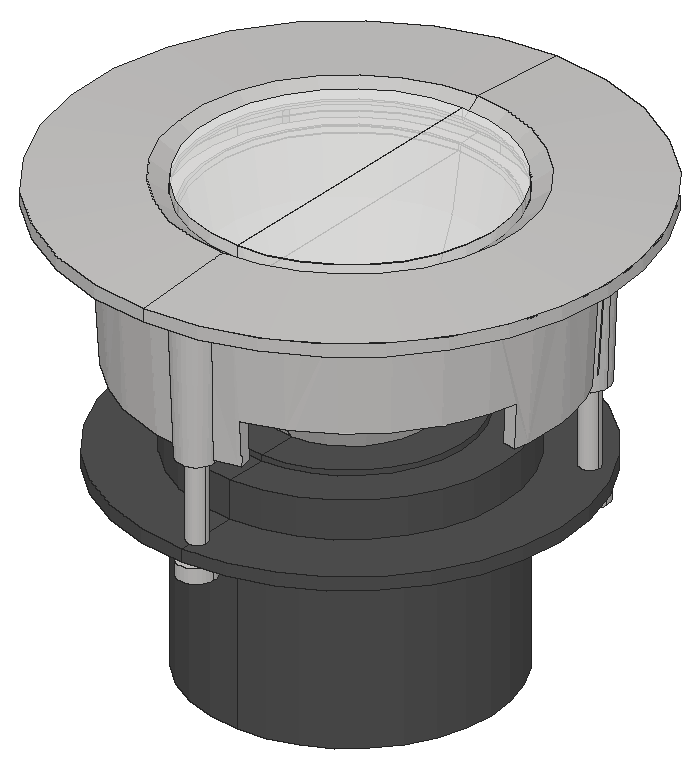
Revit family "Lighting-Luminii-Latona_1 new", category Lighting Fixtures, host Face, Revit 2020
Family settings
  Host = Face
  Round Connector Dimension = Use Diameter
  Part Type = Normal
  OmniClass Number = 23.80.70.11.14.11
  OmniClass Title = Downlights
  Cut with Voids When Loaded = No
  Light Source = Yes
  Shared = Yes
  Room Calculation Point = No
Parameters (values of type "Latona 1")
  Width = 3 51/128"  # constant formula
  Wattage Comments = "6.5W"
  Wattage = 6.49954 W
  Warranty URL = "https://www.luminii.com/terms-conditions/"
  built-in parameter 1150110 = 1 (stored number, unit not read)
  Voltage Comments = "120V | 277V | 347V"  # constant formula
  Voltage = 120 V
  Version = "2020 - v1.0a"  # constant formula
  URL = "https://www.luminii.com/"
  built-in parameter 1114217 = 1 (stored number, unit not read)
  Tilt Angle = -90.00°  # constant formula
  built-in parameter 1150109 = 1 (stored number, unit not read)
  built-in parameter 1150134 = (empty or 0)
  built-in parameter 1150113 = 1 (stored number, unit not read)
  Support Phone = "224-699-9545"  # constant formula
  Support Email = "mailto:support@bimsmith.com"
  Product Page URL = "Consult Manufacturer Website for more Information"
  Power Source Type = "Driver"  # constant formula
  Power Factor = 1
  Photometric Web File = "510-A90-660-35-07-00.ies"
  Phase = 1
  Operating Temperature = "Consult Manufacturer Website for more Information"  # constant formula
  Number of Poles = if(and(or(Voltage = 120 V, Voltage = 277 V), Phase = 1), 1, if(and(or(Voltage = 208 V, Voltage = 240 V), Phase = 1), 2, if(and(or(Voltage = 208 V, Voltage = 240 V), Phase = 3), 3, if(and(Voltage > 300 V, Phase = 1), 2, if(and(Voltage > 400 V, Phase = 3), 3, 1)))))  # 1
  Mounting Method = "Recessed Mount"  # constant formula
  Model = "510"  # constant formula
  Manufacturer Phone Number = "403-216-7043"  # constant formula
  Manufacturer Email = "mailto: info@sensolighting.com"
  Manufacturer Address = "302 50 Ave SE. Calgary, Alberta, T2G 2A9 Canada"  # constant formula
  Manufacturer = "Luminii"  # constant formula
  built-in parameter 1150105 = 55.704 (stored number, unit not read)
  Lumens = 700 lm
  Luminaire Type = "Recessed LED Downlight"  # constant formula
  built-in parameter 1150115 = 1 (stored number, unit not read)
  Load Classification = Lighting
  built-in parameter 1150137 = (empty or 0)
  built-in parameter 1150139 = (empty or 0)
  Lens Material = Plastic - Luminii - Frosted Lens
  built-in parameter 1150112 = 1 (stored number, unit not read)
  built-in parameter 1150114 = 1 (stored number, unit not read)
  Lamp Life = 1
  Lamp = "LED"  # constant formula
  Keynote = "26 51 00"
  built-in parameter 1150132 = 2
  built-in parameter 1150102 = (empty or 0)
  built-in parameter 1150107 = 3500 (stored number, unit not read)
  Initial Color Comments = "Perfomance based on 3500K Photometric Web File"  # constant formula
  built-in parameter 1150138 = (empty or 0)
  built-in parameter 1150106 = 0.55704 (stored number, unit not read)
  Housing Protection Rating = "Consult Manufacturer Website for more Information"  # constant formula
  Height = 2 25/32"  # constant formula
  Has Dimming = 1 = 1  # yes
  Has Battery Backup = 0 = 1  # no
  Frequency Comments = ""  # constant formula
  Frequency = 60 Hz
  Finish = Metal - Luminii - Silver Anodized Aluminum
  Environment = "Indoor"  # constant formula
  built-in parameter 1150104 = 10.006 (stored number, unit not read)
  Dimming Type = "Consult Manufacturer Website for more Information"  # constant formula
  Dimming Lamp Color Temperature Shift = <None>
  Description = "Recessed LED Downlight"  # constant formula
  Depth = 3 51/128"  # constant formula
  Default Elevation = 0"  # constant formula
  Current Amps = 50 A
  Copyright = "©2024 Luminii"  # constant formula
  Control Zone = "Consult Manufacturer Website for more Information"  # constant formula
  Control Type = "Consult Manufacturer Website for more Information"  # constant formula
  Constraints = 1  # constant formula
  Color Filter = 16777215
  built-in parameter 1114216 [instance] = 0  # (empty or 0)
  Reflector Finish = Metal - Luminii - Silver Anodized Aluminum
  built-in parameter 1140040 [instance] = 1 = 1  # 1
  CCT = "3500K"
  C Light Source Offset = 6.4"  # constant formula
  built-in parameter 1114218 = 1 (stored number, unit not read)
  built-in parameter 1150133 = 10 (stored number, unit not read)
  Assembly Code = "D5040.50"
  Apparent Load = Wattage / Power Factor  # 6.49954 VA
Reference planes (in)
  plane 1 "Center (Front/Back)": y = 0
  plane 2: z = 0
  plane 3 "Center (Left/Right)": x = 0
  plane 4: x = 0
  plane 5: x = 0
  plane 6: y = 1.69922
  plane 7: y = -1.69922
  plane 8: x = -1.69922
  plane 9: x = 1.69922
  plane 10: z = -2.72739
  plane 11: z = 0.13183
Forms (in)
  Extrusion 1, solid, material "Metal - Luminii - Silver Anodized Aluminum", not visible
    sketch origin (0, 0, 0) x (1, 0, 0) y (0, 1, 0)
      loop
        circle (0, 0) r 0.09012
    from -2.72739 to -2.67031
  Extrusion 2, void
    sketch origin (0, 1.24288, 2.36) x (0, 1, 0) y (-1, 0, 0)
      loop
        circle (-1.24288, 0) r 1.381
    from -5.08739 to -2.22817
Dimensions and locks (in)
  equal spacing: plane 4, plane 3 "Center (Left/Right)", plane 5
  equal spacing: plane 6, plane 1 "Center (Front/Back)", plane 7
  plane 4 to plane 5 = 0"
  "Width": plane 6 to plane 7
  equal spacing: plane 8, plane 3 "Center (Left/Right)", plane 9
  "Width": plane 8 to plane 9
  locked: plane 11 to host face at 0.13183
  locked: Extrusion 1 to plane 10 at 0.05708
  diameter of Extrusion 2 sketch curve = 2.762"
  aligned and locked: plane 2 to host face
  aligned and locked: plane 3 "Center (Left/Right)" to Extrusion 1 sketch curve
  aligned and locked: plane 1 "Center (Front/Back)" to Extrusion 1 sketch curve
  aligned and locked: imposter light to plane 3 "Center (Left/Right)"
  aligned and locked: imposter light to plane 1 "Center (Front/Back)"
  aligned and locked: plane 3 "Center (Left/Right)" to nested 1
  aligned and locked: plane 1 "Center (Front/Back)" to nested 1
  aligned and locked: imposter light to plane 11
  aligned and locked: plane 10 to Extrusion 1
  aligned and locked: plane 1 "Center (Front/Back)" to Extrusion 2 sketch curve
  aligned and locked: plane 5 to Extrusion 2 sketch curve
  aligned and locked: Extrusion 2 to plane 10
  aligned and locked: plane 11 to Extrusion 2
Automatic sketch dimensions
  host sketch curve to host sketch curve = 96"  (x2)
  radius of Extrusion 1 sketch curve = 0.09012"
Nested families (in)
  nested 1: "Nested - Lamp" at (0, 0, 0), type "Nested - Lamp"
Connectors (in)
  electrical at (0, 0, -2.72739), driven by "Number of Poles", driven by "Load Classification", driven by "Voltage", driven by "Apparent Load", driven by "Power Factor"
    settings: on Extrusion 1, index 1, voltage 120 V, apparent load 6.49954 VA, apparent load phase1 0 VA, apparent load phase2 0 VA, apparent load phase3 0 VA, power factor 1, load classification "Lighting", number of poles 1, system type 30, power factor state 1, is connector primary yes, connector utility no, sub classification motor no, connector description "Power Connection"
Definition of nested family "Nested - Lamp"
  Parameters (values of type "Nested - Lamp")
    Reflector = none
    Lens = none
    Finish = none
    Default Elevation = 0"
    Constraint = 1
  Reference planes (in)
    plane 1 "Center (Front/Back)": y = 0
    plane 2: z = 0
    plane 3 "Center (Left/Right)": x = 0
    plane 4: y = -3.80735
    plane 5: y = 2.63601
    plane 6: y = 1.02892
    plane 7: y = -1.58564
    plane 8 "F": y = -1.2576
    plane 9 "B": y = 0.61063
  Forms (in)
    Extrusion 1, solid
      sketch origin (0, 0, 0) x (1, 0, 0) y (0, 1, 0)
        loop
          line (-48, 48) -> (-48, -48) -> (48, -48) -> (48, 48) -> (-48, 48)
      from 0 to -12
    Revolve 2, solid
      sketch origin (0, 0, -0.42144) x (0, 1, 0) y (0, 0, 1)
        loop
          line (0, -0.78295) -> (0, -2.30595) -> (0.92561, -2.30595) -> (0.92561, -1.12485) -> (1.381, -1.12485) -> (1.381, -1.04414) -> (0.9873, -1.04414) -> (0.9873, -0.8142) -> (0.72835, -0.8142) -> (0.72835, -0.78295) -> (0, -0.78295)
        axis (0, -0.78295) -> (0, -2.30595)
      angle from 0 to 360
    Revolve 3, solid, material <- "Lens"
      sketch origin (0, 0, -0.42144) x (0, 1, 0) y (0, 0, 1)
        loop
          line (0.9252, 0.53066) -> (0, 0.53066) -> (0, 0.29444) -> (0.88613, 0.29444) -> (0.88613, 0.33381) -> (1.04316, 0.33381) -> (1.04316, 0.45507) -> (0.9252, 0.45507) -> (0.9252, 0.53066)
        axis (0, 0.53066) -> (0, 0.29444)
      angle from 0 to 360
    Revolve 4, solid, material <- "Finish"
      sketch origin (0, 0, -0.42144) x (0, 1, 0) y (0, 0, 1)
        loop
          line (1.69296, 0.42144) -> (1.69296, 0.49999)
          arc (1.69296, 0.49999) -> (1.36917, 0.52579) -> (1.045, 0.5461) r 19.19299
          line (1.045, 0.5461) -> (0.9327, 0.46747) -> (0.9327, 0.43622) -> (1.232, 0.43622) -> (1.19849, -0.52344) -> (1.28344, -0.52344) -> (1.33984, 0.42144) -> (1.69296, 0.42144)
        axis (0, 0.5461) -> (0, -0.52344)
      angle from 0 to 360
    Revolve 5, solid, material <- "Reflector"
      sketch origin (0, 0, -0.42144) x (0, 1, 0) y (0, 0, 1)
        loop
          line (0.97638, 0.33381) -> (0.90508, 0.33381)
          arc (0.90508, 0.33381) -> (0.76828, -0.24024) -> (0.47389, -0.7517) r 2.05389
          line (0.47389, -0.7517) -> (0, -0.7517) -> (0, -0.78295) -> (0.47713, -0.78295)
          arc (0.47713, -0.78295) -> (0.77444, -0.2717) -> (0.91685, 0.30232) r 2.09286
          line (0.91685, 0.30232) -> (0.97638, 0.30232) -> (0.97638, 0.33381)
        axis (0, 0.33381) -> (0, -0.78295)
      angle from 0 to 360
    Extrusion 6, void
      sketch origin (-1.08041, -4.51384, 0) x (1, 0, 0) y (0, 1, 0)
        loop
          arc (1.52482, 5.87366) -> (0.69608, 5.89175) -> (-0.00497, 5.44941) r 1.43815
          line (-0.00497, 5.44941) -> (0.25128, 5.22665)
          arc (0.25128, 5.22665) -> (0.78682, 5.56455) -> (1.4199, 5.55074) r 1.0986
          line (1.4199, 5.55074) -> (1.52482, 5.87366)
        loop
          line (2.49671, 4.25617) -> (2.16233, 4.31513)
          arc (2.16233, 4.31513) -> (1.87731, 3.74967) -> (1.32754, 3.43545) r 1.0986
          line (1.32754, 3.43545) -> (1.40392, 3.10461)
          arc (1.40392, 3.10461) -> (2.12361, 3.51595) -> (2.49671, 4.25617) r 1.43815
      from -1.00808 to -0.66929
    Revolve 7, solid, material <- "Finish", detail levels medium+fine
      sketch origin (0, -1.2576, 0) x (-1, 0, 0) y (0, 0, 1)
        loop
          line (0.15393, 0) -> (0, 0) -> (0, -1.70399)
          arc (0, -1.70399) -> (0.0598, -1.69372) -> (0.11402, -1.66649) r 0.20607
          line (0.11402, -1.66649) -> (0.11402, -1.57853) -> (0.06176, -1.57853) -> (0.06176, -0.97712) -> (0.11981, -0.97712) -> (0.15393, 0)
        axis (0, -1.70399) -> (0, 0)
      angle from 0 to 360
    Revolve 8, solid, material <- "Finish", detail levels medium+fine
      sketch origin (0, 0.61063, 0) x (-1, 0, 0) y (0, 0, 1)
        loop
          line (1.23338, 0) -> (1.07944, 0) -> (1.07944, -1.70399)
          arc (1.07944, -1.70399) -> (1.13924, -1.69372) -> (1.19346, -1.66649) r 0.20607
          line (1.19346, -1.66649) -> (1.19346, -1.57853) -> (1.1412, -1.57853) -> (1.1412, -0.97712) -> (1.19925, -0.97712) -> (1.23338, 0)
        axis (1.07944, -1.70399) -> (1.07944, 0)
      angle from 0 to 360
    Revolve 9, solid, material <- "Finish", detail levels medium+fine
      sketch origin (0, 0.61063, 0) x (1, 0, 0) y (0, 0, 1)
        loop
          line (1.23338, 0) -> (1.07944, 0) -> (1.07944, -1.70399)
          arc (1.07944, -1.70399) -> (1.13924, -1.69372) -> (1.19346, -1.66649) r 0.20607
          line (1.19346, -1.66649) -> (1.19346, -1.57853) -> (1.1412, -1.57853) -> (1.1412, -0.97712) -> (1.19925, -0.97712) -> (1.23338, 0)
        axis (1.07944, -1.70399) -> (1.07944, 0)
      angle from 0 to 360
  Cuts and joins
    Extrusion 6 cuts Revolve 4
  Dimensions and locks (in)
    locked: plane 6 to plane 9 "B" at 0.41829
    locked: plane 8 "F" to plane 7 at 0.32803
    aligned and locked: plane 2 to Extrusion 1
    aligned and locked: level to Extrusion 1
